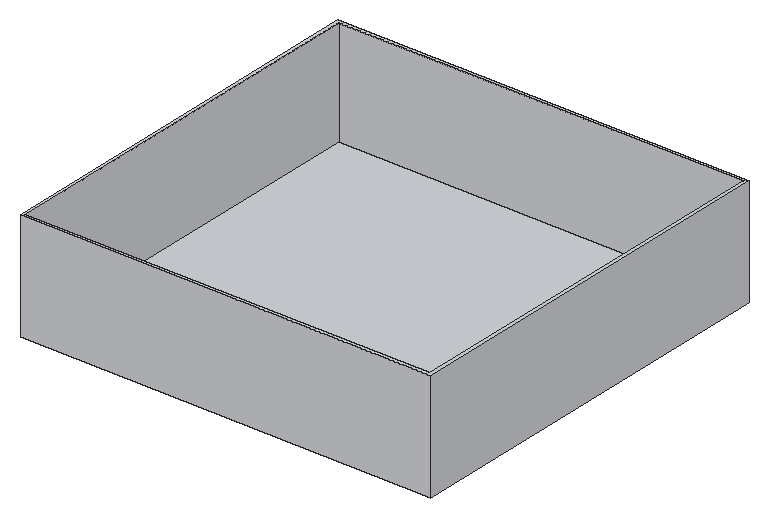
Revit family "Hager-Typ.B_TP&N_Cable_Spreader_Boxes_250A-empty-UK-en", category Electrical Equipment, host Face, Revit 2020
Family settings
  Host = Face
  Panel Configuration = Two Columns, Circuits Across
  Round Connector Dimension = Use Diameter
  Part Type = Panelboard
  Cut with Voids When Loaded = No
  Shared = No
  Room Calculation Point = No
Parameters (values of type "Surface mounted P2XC W465 H450 D124.5 0 Modular spacings - JK202LE")
  Width Control [instance] = if([HG000006 - Flush mounted], if([EF000846 - Built-in width] > min_whd, [EF000846 - Built-in width], min_whd), if([EF000008 - Width] > min_whd, ([EF000008 - Width]), min_whd))  # 465 mm
  Void Depth [instance] = if([HG000006 - Flush mounted], Depth Control, 1 mm)  # 1 mm
  Type Comments = [HG000003 - Range]  # "Type B TP&N Distribution Boards"
  System Height [instance] = Height Control - 2 * [HG000005 - Thickness]  # 444 mm
  Model = [HG000004 - Manufacturer reference]  # "JK202LE"
  HG000017 - Distance between poles = 18 mm
  HG000016 - Door 3d visibility [instance] = yes
  HG000015 - Clearance visibility [instance] = no
  HG000014 - Door on the right [instance] = yes
  HG000013 - Door on the left [instance] = not([HG000014 - Door on the right])  # no
  HG000012 - Door swing angle [instance] = 45.00°
  HG000011 - Empty rows from bottom = no
  HG000010 - Asymmetric doors = no
  HG000009 - Double swing door = no
  HG000008 - Number of empty rows = 0
  HG000007 - Number of empty columns = 0
  HG000006 - Flush mounted = no
  HG000005 - Thickness = 3 mm  # constant formula
  HG000004 - Manufacturer reference = "JK202LE"
  HG000003 - Range = "Type B TP&N Distribution Boards"
  HG000002 - With door or cover = no
  HG000001 - Number of columns = 0
  EF015941 - Signal passing door = no
  EF015777 - Neutral terminal block = yes
  EF015776 - Earthing terminal block = yes
  EF009212 - Cover model = ""
  EF006306 - With lock = no
  EF006244 - Transparent cover/door = no
  EF005474 - Degree of protection (IP) = "EV009848 - IP2XC"
  EF004462 - Type of closure = "EV000154 - Other"
  EF002950 - Width in number of modular spacings = 0
  EF001596 - Material housing = "EV000179 - Steel"
  EF001134 - DIN-rail = no
  EF001131 - Internal depth = 0 mm
  EF001088 - Extension possible = no
  EF001062 - EMC-version = no
  EF000846 - Built-in width = 0 mm
  EF000339 - Type of cover = "EV005746 - Optional"
  EF000332 - Built-in height = 0 mm
  EF000266 - Number of rows = 0
  EF000218 - Built-in depth = 0 mm
  EF000118 - With mounting plate = no
  EF000116 - RAL-number = "7035"
  EF000049 - Depth = 124 mm
  EF000040 - Height = 450 mm
  EF000008 - Width = 465 mm
  EF000007 - Colour = "EV000154 - Other"
  EF000003 - Mounting method = "EV000384 - Surface mounted (plaster)"
  Arrow Offset [instance] = Depth Control / 8  # 15.5 mm
  Arrow Height [instance] = Depth Control - Arrow Offset  # 108.5 mm
  Host Offset [instance] = if([HG000006 - Flush mounted], 0 mm, [EF000049 - Depth])  # 124 mm
  min_whd [instance] = (2 * [HG000005 - Thickness]) + 1 mm  # 7 mm
  Manufacturer = "Hager"  # constant formula
  Height Control [instance] = if([HG000006 - Flush mounted], if([EF000332 - Built-in height] > min_whd, [EF000332 - Built-in height], min_whd), if([EF000040 - Height] > min_whd, ([EF000040 - Height]), min_whd))  # 450 mm
  Flush Mounted - Door Frame Width [instance] = if(([EF000040 - Height] - [EF000332 - Built-in height]) > 0 mm, if([HG000006 - Flush mounted], [EF000040 - Height] - [EF000332 - Built-in height], 0 mm), 0 mm)  # 0 mm
  Depth Control [instance] = if([HG000006 - Flush mounted], if([EF000218 - Built-in depth] > 0 mm, [EF000218 - Built-in depth], 1 mm), if([EF000049 - Depth] > 0 mm, ([EF000049 - Depth]), 1 mm))  # 124 mm
  Default Elevation = 0 mm
Types (2, lengths in mm): name | System Height | Model | HG000004 - Manufacturer reference | EF005474 - Degree of protection (IP) | EF000040 - Height | Height Control
  Surface mounted  W465 H300 D124.5 0 Modular spacings - JK201SE | 294 | "JK201SE" | "JK201SE" | "" | 300 | 300
  Surface mounted P2XC W465 H450 D124.5 0 Modular spacings - JK202LE | 444 | "JK202LE" | "JK202LE" | "EV009848 - IP2XC" | 450 | 450
Reference planes
  plane 1 "Center (Front/Back)": y = 0
  plane 2: z = 0
  plane 3 "Center (Left/Right)": x = 0
  plane 4: z = 124
  plane 5: y = 3
  plane 6: z = 119
  plane 7: y = 225
  plane 8: y = 0
  plane 9: y = 450
  plane 10: z = 0
  plane 11: x = -232.5
  plane 12: x = 232.5
  plane 13: x = 229.5
  plane 14: x = -229.5
  plane 15: y = 447
  plane 16: z = 3
  plane 17: z = 121
  plane 18: z = -1
  plane 19: z = 121
Forms (mm)
  Extrusion 1, solid
    sketch origin (-583.045, 0, 1219.2) x (-1, 0, 0) y (0, 0, 1)
      loop
        line (-350.545, -1095.2) -> (-815.545, -1095.2) -> (-815.545, -1219.2) -> (-350.545, -1219.2) -> (-350.545, -1095.2)
    from 0 to 450 <- "Height Control"
  Extrusion 2, void
    sketch origin (-381.607, -4572, 124) x (0, -1, 0) y (-1, 0, 0)
      loop
        line (-5019, -152.107) -> (-5019, -611.107) -> (-4575, -611.107) -> (-4575, -152.107) -> (-5019, -152.107)
    from 0 to 121
  Extrusion 3, void
    sketch origin (0, 0, 0) x (1, 0, 0) y (0, 1, 0)
      loop
        line (-232.5, 0) -> (232.5, 0) -> (232.5, 450) -> (-232.5, 450) -> (-232.5, 0)
    from -1 to 1
  Extrusion 4, solid, detail levels coarse+medium
    sketch origin (-381.607, -4572, 124) x (-1, 0, 0) y (0, -1, 0)
      loop
        line (-152.107, -5019) -> (-152.107, -4575) -> (-611.107, -4575) -> (-611.107, -5019) -> (-152.107, -5019)
    from 0 to -3
Cuts and joins
  Extrusion 2 cuts Extrusion 1
Dimensions and locks
  plane 4 to plane 6 = 5 mm
  "Host Offset": plane 4 to host face
  "Flush Mounted - Door Frame Width": plane 1 "Center (Front/Back)" to plane 8
  "HG000005 - Thickness": plane 5 to plane 8
  locked: connector elem to plane 3 "Center (Left/Right)"
  "Height Control": plane 9 to plane 8
  equal spacing: plane 9, plane 7, plane 8
  locked: connector elem to plane 7
  "Depth Control": plane 4 to plane 10
  "HG000005 - Thickness": plane 11 to plane 14
  "HG000005 - Thickness": plane 12 to plane 13
  equal spacing: plane 11, plane 3 "Center (Left/Right)", plane 12
  "Width Control": plane 11 to plane 12
  "Arrow Offset": nested 4 to plane 10
  "HG000005 - Thickness": plane 9 to plane 15
  "HG000005 - Thickness": plane 16 to plane 10
  "HG000005 - Thickness": plane 4 to plane 17
  "Void Depth": plane 2 to plane 18
  "HG000005 - Thickness": plane 4 to plane 19
  aligned and locked: plane 2 to host face
  aligned and locked: level to host face
  aligned and locked: plane 3 "Center (Left/Right)" to nested 2
  aligned and locked: plane 4 to nested 2
  aligned and locked: nested 2 to plane 8
  aligned and locked: nested 1 to plane 6
  aligned and locked: nested 1 to plane 5
  aligned and locked: nested 4 to plane 11
  aligned and locked: nested 3 to plane 4
  aligned and locked: Extrusion 1 sketch curve to plane 12
  aligned and locked: Extrusion 1 sketch curve to plane 11
  aligned and locked: nested 3 to plane 10
  aligned and locked: plane 10 to Extrusion 1 sketch curve
  aligned and locked: Extrusion 2 sketch curve to plane 5
  aligned and locked: Extrusion 2 sketch curve to plane 15
  aligned and locked: Extrusion 2 sketch curve to plane 14
  aligned and locked: Extrusion 2 sketch curve to plane 13
  aligned and locked: plane 11 to Extrusion 3 sketch curve
  aligned and locked: plane 9 to Extrusion 3 sketch curve
  aligned and locked: Extrusion 3 sketch curve to plane 8
  aligned and locked: plane 12 to Extrusion 3 sketch curve
  aligned and locked: nested 3 to plane 12
  aligned and locked: Extrusion 3 to plane 18
  aligned and locked: Extrusion 2 to plane 16
  aligned and locked: Extrusion 1 sketch curve to plane 4
  aligned and locked: Extrusion 4 to plane 17
  aligned and locked: Extrusion 4 sketch curve to plane 15
  aligned and locked: Extrusion 4 sketch curve to plane 13
  aligned and locked: Extrusion 4 sketch curve to plane 14
  aligned and locked: Extrusion 4 sketch curve to plane 5
Automatic sketch dimensions
  host sketch curve to host sketch curve = 1469.727 mm
  host sketch curve to host sketch curve = 1434.803 mm
Nested families
  nested 1: "Hager_Enclosure_System" at (0, 3, 119) x (1, 0, 0) z (0, 1, 0), Depth <- "HG000005 - Thickness", Height <- "System Height", Width <- "EF000008 - Width", Border <- "HG000005 - Thickness", Flush_Mounted <- "HG000006 - Flush mounted", Built-in_Width <- "EF000846 - Built-in width", Row_Module_Multiplicator <- "EF002950 - Width in number of modular spacings", Total_No_Empty_Rows <- "HG000008 - Number of empty rows", Total_No_Rows <- "EF000266 - Number of rows", Empty_Columns <- "HG000007 - Number of empty columns", Width_Control <- "Width Control", Empty_Rows_From_Bottom <- "HG000011 - Empty rows from bottom", Distance_Between_Poles <- "HG000017 - Distance between poles", Rows_Count <- "EF000266 - Number of rows", Columns_Count <- "HG000001 - Number of columns", type "Hager_Enclosure_System", detail levels fine
    with Width_Control 465 mm, Width 465 mm, Total_No_Rows 0, Total_No_Empty_Rows 0, Total_No_Columns 1, System_Width 459 mm, Rows_Count 0, Rows_Column 0, Row_Module_Multiplicator 0, Panel_4 no, Panel_3 no, Panel_2 no, Panel_1 no, No_Panels_Ctrl 1, Hide_Columns yes, Height 444 mm, Flush_Mounted no, Empty_Rows_From_Bottom no, Empty_Rows_Column 0, Empty_Columns 0, Distance_Between_Poles 18 mm, Depth 3 mm, Columns_Count 0, Column_Width 459 mm, Built-in_Width 0 mm, Border 3 mm
  nested 2: "Hager_Enclosure_Door" at (0, 0, 124) x (1, 0, 0) z (0, 1, 0), Border <- "HG000005 - Thickness", Door_Right <- "HG000014 - Door on the right", Flush_Mounted <- "HG000006 - Flush mounted", Depth <- "EF000049 - Depth", Width <- "EF000008 - Width", Door_Left <- "HG000013 - Door on the left", 3d_Door <- "HG000016 - Door 3d visibility", BuiltIn_Width <- "EF000846 - Built-in width", BuiltIn_Height <- "EF000332 - Built-in height", BuiltIn_Depth <- "EF000218 - Built-in depth", Angle <- "HG000012 - Door swing angle", Assymetrical <- "HG000010 - Asymmetric doors", Double <- "HG000009 - Double swing door", Clearance <- "HG000015 - Clearance visibility", Transparent <- "EF006244 - Transparent cover/door", Door <- "HG000002 - With door or cover", Height_Ctrl <- "Height Control", Width_Ctrl <- "Width Control", Height <- "EF000040 - Height", type "Hager_Enclosure_Door", detail levels medium+fine
    with min_wh 7 mm, Width_Ctrl 465 mm, Width 465 mm, Transparent_Door_No_Bottom_Border no, Transparent no, Leaf_Width 456 mm, Leaf_Tolerance 1.5 mm, Leaf_Height 441 mm, Leaf_2_Width 456 mm, Leaf_2_Offset 228 mm, Leaf_1_Width 456 mm, Leaf_1_Offset 228 mm, Height_Ctrl 450 mm, Height 450 mm, Frame_Width_Ctrl 465 mm, Frame_Width 465 mm, Frame_Internal_Offset 0 mm, Frame_Height_Ctrl 450 mm, Frame_Height 450 mm, Frame_Depth_Ctrl 1 mm, Frame_Depth 0 mm, Flush_Mounted no, Double_Clearance_Ctrl no, Double no, Door_Right_Ctrl no, Door_Right yes, Door_Left_Ctrl no, Door_Left no, Door no, Depth 124 mm, Clearance_Depth 456 mm, Clearance_Ctrl no, Clearance no, BuiltIn_Width 0 mm, BuiltIn_Height 0 mm, BuiltIn_Depth 0 mm, Border 3 mm, Assymetrical no, Angle 45.00°, 3d_Door yes
  nested 3: "Hager_Enclosure_Symbol_Triangle" at (-232.5, 0, 0) x (1, 0, 0) z (0, -1, 0), Depth <- "Depth Control", Width <- "Width Control", type "Hager_Enclosure_Symbol_Triangle"
    with Width_Ctrl 465 mm, Width 465 mm, Depth_Ctrl 124 mm, Depth 124 mm
  nested 4: "Hager_Enclosure_Symbol_Arrow" at (-232.5, 0, 15.5) x (1, 0, 0) z (0, -1, 0), Height <- "Arrow Height", type "Hager_Enclosure_Symbol_Arrow"
    with Width_Inside 8.137 mm, Width 97.65 mm, Height_Ctrl 108.5 mm, Height 108.5 mm
Connectors
  electrical at (0, 225, 0)
    settings: on plane 10, index 1, voltage 0 V, apparent load 0 VA, apparent load phase1 0 VA, apparent load phase2 0 VA, apparent load phase3 0 VA, power factor 1, load classification "Other", number of poles 1, system type 30, power factor state 1, is connector primary yes, connector utility no, sub classification motor no, connector description ""
Definition of nested family "Hager_Enclosure_Door"
  Parameters (values of type "Hager_Enclosure_Door")
    min_wh [instance] = (2 * Border) + 1 mm  # 11 mm
    Width_Ctrl [instance] = 400 mm
    Width [instance] = 500 mm
    Transparent_Door_No_Bottom_Border [instance] = no
    Transparent [instance] = yes
    Leaf_Width [instance] = if((Width_Ctrl - 2 * Border - 2 * Leaf_Tolerance) > 0 mm, (Width_Ctrl - 2 * Border - 2 * Leaf_Tolerance), min_wh)  # 387 mm
    Leaf_Tolerance [instance] = 1.5 mm  # constant formula
    Leaf_Height [instance] = if((Height_Ctrl - 2 * Border - 2 * Leaf_Tolerance) > 0 mm, (Height_Ctrl - 2 * Border - 2 * Leaf_Tolerance), min_wh)  # 387 mm
    Leaf_2_Width [instance] = if(and(and(Double, Assymetrical), Door_Left), (Leaf_Width / 3) - (Leaf_Tolerance / 2), if(and(and(Double, Assymetrical), Door_Right), (Leaf_Width / 3) * 2 - (Leaf_Tolerance / 2), if(and(Double, not(Assymetrical)), (Leaf_Width / 2) - Leaf_Tolerance, Leaf_Width)))  # 387 mm
    Leaf_2_Offset [instance] = if(and(Double, Assymetrical), Leaf_2_Width / 2, if(and(Double, not(Assymetrical)), Leaf_Width / 4, Leaf_Width / 2))  # 193.5 mm
    Leaf_1_Width [instance] = if(and(and(Double, Assymetrical), Door_Right), (Leaf_Width / 3) - (Leaf_Tolerance / 2), if(and(and(Double, Assymetrical), Door_Left), (Width / 3) * 2 - (Leaf_Tolerance / 2), if(and(Double, not(Assymetrical)), (Leaf_Width / 2) - Leaf_Tolerance, Leaf_Width)))  # 387 mm
    Leaf_1_Offset [instance] = if(and(Double, Assymetrical), Leaf_1_Width / 2, if(and(Double, not(Assymetrical)), Leaf_Width / 4, Leaf_Width / 2))  # 193.5 mm
    Height_Ctrl [instance] = 400 mm
    Height [instance] = 500 mm
    Frame_Width_Ctrl [instance] = if(Frame_Width > 0 mm, Frame_Width, 1 mm)  # 1 mm
    Frame_Width [instance] = Width - BuiltIn_Width  # 0 mm
    Frame_Internal_Offset [instance] = if(Flush_Mounted, Border, 0 mm)  # 5 mm
    Frame_Height_Ctrl [instance] = if(Frame_Height > 0 mm, Frame_Height, 1 mm)  # 1 mm
    Frame_Height [instance] = Height - BuiltIn_Height  # 0 mm
    Frame_Depth_Ctrl [instance] = if(Frame_Depth > 0 mm, Frame_Depth, 1 mm)  # 1 mm
    Frame_Depth [instance] = if(Depth - BuiltIn_Depth > 0 mm, if(Flush_Mounted, Depth - BuiltIn_Depth, 0 mm), 0 mm)  # 0 mm
    Flush_Mounted [instance] = yes
    Double_Clearance_Ctrl [instance] = and(Double, Clearance)  # no
    Double [instance] = no
    Door_Right_Ctrl [instance] = and(or(Door_Right, Double), Door)  # yes
    Door_Right [instance] = yes
    Door_Left_Ctrl [instance] = and(or(Door_Left, Double), Door)  # no
    Door_Left [instance] = no
    Door [instance] = yes
    Depth [instance] = 500 mm
    Default Elevation = 1219.2 mm
    Clearance_Material = none
    Clearance_Depth [instance] = if(Leaf_1_Width > Leaf_2_Width, Leaf_1_Width, Leaf_2_Width)  # 387 mm
    Clearance_Ctrl [instance] = and(not(Double), Clearance)  # yes
    Clearance [instance] = yes
    BuiltIn_Width [instance] = 500 mm
    BuiltIn_Height [instance] = 500 mm
    BuiltIn_Depth [instance] = 500 mm
    Border [instance] = 5 mm
    Assymetrical [instance] = yes
    Angle [instance] = 30.00°
    3d_Door [instance] = yes
  Reference planes
    plane 1 "Center (Front/Back)": y = 0
    plane 2 "Bottom": z = 0
    plane 3 "Center (Left/Right)": x = 0
    plane 4: z = 400
    plane 5: x = -200
    plane 6: x = 200
    plane 7: z = 395
    plane 8: x = -195
    plane 9: z = 5
    plane 10: x = 195
    plane 11: y = 0
    plane 12: z = 6.5
    plane 13: x = -582
    plane 14: y = -387
    plane 15: x = 582
    plane 16: x = 0
    plane 17: x = 0
    plane 18: x = -193.5
    plane 19: x = 193.5
    plane 20: z = 393.5
  Forms (mm)
    Extrusion 1, solid, visible <- "Flush_Mounted"
      sketch origin (0, 0, 0) x (1, 0, 0) y (0, 0, 1)
        loop
          line (195, 5) -> (195, 395) -> (-195, 395) -> (-195, 5) -> (195, 5)
        loop
          line (-201, 401) -> (-201, -1) -> (201, -1) -> (201, 401) -> (-201, 401)
      from 0 to 1 <- "Frame_Depth_Ctrl"
    Extrusion 2, solid, material <- "Clearance_Material", visible <- "Double_Clearance_Ctrl"
      sketch origin (1200, 0, 0) x (1, 0, 0) y (0, 0, -1)
        loop
          line (-1782, -393.5) -> (-618, -393.5) -> (-618, 0) -> (-1782, 0) -> (-1782, -393.5)
      from 0 to -387
  Dimensions and locks
    equal spacing: plane 5, plane 3 "Center (Left/Right)", plane 6
    "Width_Ctrl": plane 5 to plane 6
    "Border": plane 5 to plane 8
    "Border": plane 6 to plane 10
    "Border": plane 9 to level
    "Border": plane 4 to plane 7
    "Height_Ctrl": plane 4 to level
    "Leaf_Tolerance": plane 12 to plane 9
    "Frame_Depth": plane 11 to plane 1 "Center (Front/Back)"
    "Frame_Width_Ctrl": plane 5 to Extrusion 1 sketch curve
    "Frame_Width_Ctrl": plane 6 to Extrusion 1 sketch curve
    "Frame_Width_Ctrl": Extrusion 1 sketch curve to plane 4
    "Frame_Width_Ctrl": plane 2 "Bottom" to Extrusion 1 sketch curve
    "Leaf_1_Offset": plane 18 to plane 16
    "Leaf_2_Offset": plane 17 to plane 19
    "Leaf_1_Width": plane 13 to plane 8
    "Leaf_2_Width": plane 10 to plane 15
    "Clearance_Depth": plane 14 to plane 1 "Center (Front/Back)"
    "Leaf_Tolerance": plane 8 to plane 18
    "Leaf_Tolerance": plane 19 to plane 10
    "Leaf_Tolerance": plane 7 to plane 20
    "Frame_Internal_Offset": plane 5 to Extrusion 1 sketch curve
    "Frame_Internal_Offset": Extrusion 1 sketch curve to plane 2 "Bottom"
    "Frame_Internal_Offset": plane 6 to Extrusion 1 sketch curve
    "Frame_Internal_Offset": plane 4 to Extrusion 1 sketch curve
    aligned and locked: level to plane 2 "Bottom"
    aligned and locked: nested 1 to plane 16
    aligned and locked: nested 2 to plane 17
    aligned and locked: Extrusion 2 to plane 13
    aligned and locked: plane 15 to Extrusion 2
    aligned and locked: Extrusion 2 to plane 14
    aligned and locked: plane 12 to nested 1
    aligned and locked: nested 2 to plane 12
    aligned and locked: Extrusion 2 to plane 11
    aligned and locked: plane 20 to Extrusion 2
    aligned and locked: nested 2 to plane 11
    aligned and locked: nested 1 to plane 11
  Automatic sketch dimensions
    Extrusion 2 sketch curve to level = 0 mm
    plane 5 to Extrusion 2 sketch curve = 382 mm
    plane 6 to Extrusion 2 sketch curve = 382 mm
    Extrusion 2 sketch curve to plane 4 = 6.5 mm
  Nested families
    nested 1: "Hager_Enclosure_Door_Leaf" at (0, 0, 6.5), Width <- "Leaf_1_Width", visible <- "Door_Left_Ctrl", Leaf_Height <- "Leaf_Height", Angle <- "Angle", Depth <- "Border", 3d_Door <- "3d_Door", Transparent <- "Transparent", Clearance Material <- "Clearance_Material", Clearance <- "Clearance_Ctrl", Transparent_Door_No_Bottom_Border <- "Transparent_Door_No_Bottom_Border", type "Hager_Enclosure_Door_Leaf"
      with Width 387 mm, Transparent_Door_No_Bottom_Border no, Transparent_Door_Border_Bottom_Top 25 mm, Transparent_Door_Border 25 mm, Transparent_Ctrl yes, Transparent yes, Standard no, Leaf_Height 387 mm, Glass_Offset 1 mm, Depth 5 mm, Clearance Material none, Clearance yes, Angle_Ctrl 30.00°, Angle 30.00°, 3d_Door yes
    nested 2: "Hager_Enclosure_Door_Leaf" at (0, 0, 6.5) x (-1, 0, 0) z (0, 0, 1), Width <- "Leaf_2_Width", visible <- "Door_Right_Ctrl", Leaf_Height <- "Leaf_Height", Angle <- "Angle", Depth <- "Border", 3d_Door <- "3d_Door", Transparent <- "Transparent", Clearance Material <- "Clearance_Material", Clearance <- "Clearance_Ctrl", Transparent_Door_No_Bottom_Border <- "Transparent_Door_No_Bottom_Border", type "Hager_Enclosure_Door_Leaf"
      with Width 387 mm, Transparent_Door_No_Bottom_Border no, Transparent_Door_Border_Bottom_Top 25 mm, Transparent_Door_Border 25 mm, Transparent_Ctrl yes, Transparent yes, Standard no, Leaf_Height 387 mm, Glass_Offset 1 mm, Depth 5 mm, Clearance Material none, Clearance yes, Angle_Ctrl 30.00°, Angle 30.00°, 3d_Door yes
  Definition of nested family "Hager_Enclosure_Door_Leaf"
    Parameters (values of type "Hager_Enclosure_Door_Leaf")
      Width [instance] = 2000 mm
      Transparent_Door_No_Bottom_Border [instance] = yes
      Transparent_Door_Border_Bottom_Top [instance] = if(Transparent_Door_No_Bottom_Border, 0.1 mm, Transparent_Door_Border)  # 0.1 mm
      Transparent_Door_Border [instance] = if(Transparent_Door_No_Bottom_Border, (Width * 0.12), 25 mm)  # 240 mm
      Transparent_Ctrl [instance] = and(Transparent, [3d_Door])  # yes
      Transparent [instance] = yes
      Standard [instance] = and(not(Transparent), [3d_Door])  # no
      Leaf_Height [instance] = 2720.336 mm
      Glass_Offset [instance] = if((Depth - 10 mm) / 2 > 0 mm, (Depth - 10 mm) / 2, 1 mm)  # 15 mm
      Glass_Material = none
      Depth [instance] = 40 mm
      Default Elevation = 0 mm
      Clearance Material [instance] = none
      Clearance [instance] = yes
      Angle_Ctrl [instance] = if(Angle > 170.00°, 170.00°, Angle)  # 45.00°
      Angle [instance] = 45.00°
      3d_Door [instance] = yes
    Reference planes
      plane 1 "Center (Front/Back)": y = 0
      plane 2: z = 0
      plane 3 "Center (Left/Right)": x = 0
      plane 4: y = 2000
      plane 5: x = -1000
      plane 6: x = 1000
      plane 7: x = -3000
      plane 8: z = 2720.336
      plane 9: z = 0.1
      plane 10: z = 2720.236
      plane 11: x = 760
      plane 12: x = -760
    Forms (mm)
      Extrusion 1, solid, material <- "Clearance Material", visible <- "Clearance"
        sketch origin (0, 0, 0) x (1, 0, 0) y (0, 0, 1)
          loop
            line (-3000, 2720.336) -> (-3000, 0) -> (1000, 0) -> (1000, 2720.336) -> (-3000, 2720.336)
        from 0 to -2000
      Extrusion 2, solid, visible <- "Standard", detail levels medium+fine
        sketch origin (-1000, 0, 0) x (0.707107, 0.707107, 0) y (-0.707107, 0.707107, 0)
          loop
            line (0, -40) -> (2000, -40) -> (2000, 0) -> (0, 0) -> (0, -40)
        from 0 to 2720.336 <- "Leaf_Height"
      Extrusion 3, solid, visible <- "Transparent_Ctrl", detail levels medium+fine
        sketch origin (-1000, 0, 0) x (0.707107, 0.707107, 0) y (-0.707107, 0.707107, 0)
          loop
            line (0, -40) -> (2000, -40) -> (2000, 0) -> (0, 0) -> (0, -40)
        from 0 to 2720.336 <- "Leaf_Height"
      Extrusion 4, void, detail levels medium+fine
        sketch origin (-1000, 0, 0) x (-0.707107, 0.707107, 0) y (0.707107, 0.707107, 0)
          loop
            line (0, 240) -> (0, 1760) -> (-40, 1760) -> (-40, 240) -> (0, 240)
        from -2720.236 to -0.1
      Extrusion 5, solid, material <- "Glass_Material", visible <- "Transparent_Ctrl", detail levels medium+fine
        sketch origin (-1000, 0, 0) x (0.707107, 0.707107, 0) y (-0.707107, 0.707107, 0)
          loop
            line (240, -15) -> (240, -25) -> (1760, -25) -> (1760, -15) -> (240, -15)
        from 0.1 to 2720.236
    Cuts and joins
      Extrusion 4 cuts Extrusion 3
    Lines and regions (mm)
      symbolic lines
        curve 1: line (1000, 0, 0) -> (-3000, 0, 0)
        curve 2: arc (1000, 0, 0) -> (-1000, 2000, 0) -> (-3000, 0, 0) r 2000
        curve 4: line (-1000, 0, 0) -> (414.214, 1414.214, 0)
      reference lines
        curve 3: line (-1000, 0, 0) -> (414.214, 1414.214, 0)
      symbolic lines, detail levels medium+fine
        curve 5: line (414.214, 1414.214, 0) -> (442.498, 1385.929, 0)
        curve 6: line (442.498, 1385.929, 0) -> (-971.716, -28.284, 0)
        curve 7: line (-971.716, -28.284, 0) -> (-1000, 0, 0)
        curve 8: line (-1000, 0, 2720.336) -> (1000, 0, 2720.336)
        curve 9: line (-1000, 0, 0) -> (-1000, 0, 2720.336)
        curve 10: line (1000, 0, 0) -> (-1000, 0, 0)
        curve 11: line (1000, 0, 2720.336) -> (1000, 0, 0)
      symbolic lines, visible <- "Transparent_Ctrl", detail levels medium+fine
        curve 12: line (-760, 0, 2720.236) -> (760, 0, 2720.236)
        curve 13: line (-760, 0, 0.1) -> (-760, 0, 2720.236)
        curve 14: line (760, 0, 0.1) -> (-760, 0, 0.1)
        curve 15: line (760, 0, 2720.236) -> (760, 0, 0.1)
    Dimensions and locks
      "Width": plane 1 "Center (Front/Back)" to plane 4
      equal spacing: plane 5, plane 3 "Center (Left/Right)", plane 6
      "Width": plane 5 to plane 6
      "Width": plane 7 to plane 5
      "Leaf_Height": plane 8 to level
      "Depth": curve 6 to curve 3
      "Width": curve 5 to curve 3
      "Width": curve 3 to curve 3
      "Transparent_Door_Border": Extrusion 4 sketch curve to curve 7
      "Transparent_Door_Border": Extrusion 4 sketch curve to curve 5
      "Transparent_Door_Border_Bottom_Top": plane 8 to plane 10
      "Transparent_Door_Border_Bottom_Top": plane 9 to level
      "Glass_Offset": Extrusion 5 sketch curve to curve 4
      "Glass_Offset": Extrusion 5 sketch curve to curve 6
      "Transparent_Door_Border": Extrusion 5 sketch curve to curve 5
      "Transparent_Door_Border": Extrusion 5 sketch curve to curve 7
      "Transparent_Door_Border": plane 12 to plane 5
      "Transparent_Door_Border": plane 6 to plane 11
      "Angle_Ctrl": angle plane 1 "Center (Front/Back)" to curve 3
      aligned and locked: level to plane 2
      aligned and locked: Extrusion 1 to curve 1
      aligned and locked: plane 6 to Extrusion 1
      aligned and locked: Extrusion 1 to plane 1 "Center (Front/Back)"
      aligned and locked: plane 4 to Extrusion 1
      aligned and locked: plane 8 to Extrusion 1
      aligned and locked: curve 4 to curve 3
      aligned and locked: Extrusion 2 sketch curve to curve 7
      aligned and locked: Extrusion 2 sketch curve to curve 6
      aligned and locked: Extrusion 2 sketch curve to curve 5
      aligned and locked: Extrusion 2 sketch curve to curve 3
      aligned and locked: curve 7 to Extrusion 3 sketch curve
      aligned and locked: Extrusion 3 sketch curve to curve 4
      aligned and locked: Extrusion 3 sketch curve to curve 6
      aligned and locked: Extrusion 3 sketch curve to curve 5
      aligned and locked: curve 4 to Extrusion 4 sketch curve
      aligned and locked: curve 6 to Extrusion 4 sketch curve
      aligned and locked: Extrusion 4 to plane 9
      aligned and locked: Extrusion 4 to plane 10
      aligned and locked: Extrusion 5 to plane 9
      aligned and locked: Extrusion 5 to plane 10
      aligned and locked: curve 8 to plane 8
      aligned and locked: plane 5 to curve 9
      aligned and locked: plane 2 to curve 10
      aligned and locked: curve 11 to plane 6
      aligned and locked: plane 10 to curve 12
      aligned and locked: plane 12 to curve 13
      aligned and locked: curve 14 to plane 9
      aligned and locked: plane 11 to curve 15
    Automatic sketch dimensions
      plane 1 "Center (Front/Back)" to curve 2 = 0 mm
      curve 2 to plane 5 = 0 mm
      Extrusion 1 sketch curve to level = 0 mm
      Extrusion 1 sketch curve to plane 7 = 0 mm
      Extrusion 1 sketch curve to plane 6 = 0 mm
      Extrusion 1 sketch curve to plane 8 = 0 mm
      plane 1 "Center (Front/Back)" to curve 3 = 0 mm
      curve 3 to plane 5 = 0 mm
      curve 7 to curve 3 = 0 mm
Definition of nested family "Hager_Enclosure_Symbol_Triangle"
  Parameters (values of type "Hager_Enclosure_Symbol_Triangle")
    Width_Ctrl [instance] = if(Width > 1 mm, Width, 1 mm)  # 498 mm
    Width [instance] = 498 mm
    Depth_Ctrl [instance] = if(Depth > 1 mm, Depth, 1 mm)  # 72 mm
    Depth [instance] = 72 mm
  Reference planes
    plane 1 "Centre (avant/arrière)": y = 0
    plane 2: z = 0
    plane 3 "Centre (gauche/droite)": x = 0
  Lines and regions (mm)
    Filled region 1, type "Solid_Black", in view "Niveau de réf."
      outline origin (0, 0, 0) x (1, 0, 0) y (0, 1, 0)
        loop
          line (0, 0) -> (498, 0) -> (498, 72) -> (0, 0)
    reference lines, in view "Niveau de réf."
      curve 1: line (-206.153, 72, 0) -> (1083.258, 72, 0)
      curve 2: line (498, 405.456, 0) -> (498, -517.619, 0)
  Dimensions and locks
    "Depth_Ctrl": plane 1 "Centre (avant/arrière)" to curve 1
    "Width_Ctrl": plane 3 "Centre (gauche/droite)" to curve 2
    aligned and locked: curve 1 to Filled region 1 sketch curve
    aligned and locked: Filled region 1 sketch curve to plane 1 "Centre (avant/arrière)"
    aligned and locked: curve 2 to Filled region 1 sketch curve
    aligned and locked: plane 3 "Centre (gauche/droite)" to Filled region 1 sketch curve
    aligned and locked: plane 1 "Centre (avant/arrière)" to Filled region 1 sketch curve
  Automatic sketch dimensions
    curve 1 to plane 3 "Centre (gauche/droite)" = 206.153 mm
    curve 2 to curve 1 = 585.258 mm
    plane 1 "Centre (avant/arrière)" to curve 2 = 517.619 mm
    curve 2 to plane 1 "Centre (avant/arrière)" = 405.456 mm
Definition of nested family "Hager_Enclosure_Symbol_Arrow"
  Parameters (values of type "Hager_Enclosure_Symbol_Arrow")
    Width_Inside [instance] = if(Width / 12 > 2 mm, Width / 12, 2 mm)  # 4.987 mm
    Width [instance] = if(Height_Ctrl * 0.9 > 2 mm, Height_Ctrl * 0.9, 2 mm)  # 59.85 mm
    Height_Ctrl [instance] = if(Height > 2 mm, Height, 2 mm)  # 66.5 mm
    Height [instance] = 66.5 mm
  Reference planes
    plane 1 "Centre (avant/arrière)": y = 0
    plane 2: z = 0
    plane 3 "Centre (gauche/droite)": x = 0
    plane 4: x = 59.85
    plane 5: y = 28.263
    plane 6: y = 38.238
    plane 7: y = 66.5
    plane 8: x = 29.925
    plane 9: y = 33.25
  Lines and regions (mm)
    Filled region 1, type "Solid_Black", in view "Niveau de réf."
      outline origin (0, 0, 0) x (1, 0, 0) y (0, 1, 0)
        loop
          line (59.85, 66.5) -> (37.929, 52.827) -> (51.846, 41.935) -> (59.85, 66.5)
    detail lines, in view "Niveau de réf."
      curve 1: line (0, 0, 0) -> (29.925, 38.238, 0)
      curve 2: line (29.925, 38.238, 0) -> (29.925, 28.263, 0)
      curve 3: line (29.925, 28.263, 0) -> (59.85, 66.5, 0)
  Dimensions and locks
    "Width": plane 3 "Centre (gauche/droite)" to plane 4
    "Height_Ctrl": plane 7 to plane 1 "Centre (avant/arrière)"
    equal spacing: plane 3 "Centre (gauche/droite)", plane 8, plane 4
    equal spacing: plane 7, plane 9, plane 1 "Centre (avant/arrière)"
    equal spacing: plane 6, plane 9, plane 5
    "Width_Inside": plane 6 to plane 9
    equal spacing: curve 3, Filled region 1 sketch curve, Filled region 1 sketch curve
    angle Filled region 1 sketch curve to curve 3 = 20.00°
    angle curve 3 to Filled region 1 sketch curve = 20.00°
    locked: curve 3 to Filled region 1 sketch curve (angle 90.00°)
  Automatic sketch dimensions
    plane 1 "Centre (avant/arrière)" to curve 1 = 0 mm
    curve 1 to plane 3 "Centre (gauche/droite)" = 0 mm
    curve 2 to plane 6 = 0 mm
    curve 3 to plane 8 = 0 mm
    curve 3 to plane 4 = 0 mm
    curve 2 to plane 5 = 0 mm
    curve 3 to plane 7 = 0 mm
    Filled region 1 sketch curve to plane 4 = 0 mm
    Filled region 1 sketch curve to plane 7 = 0 mm
